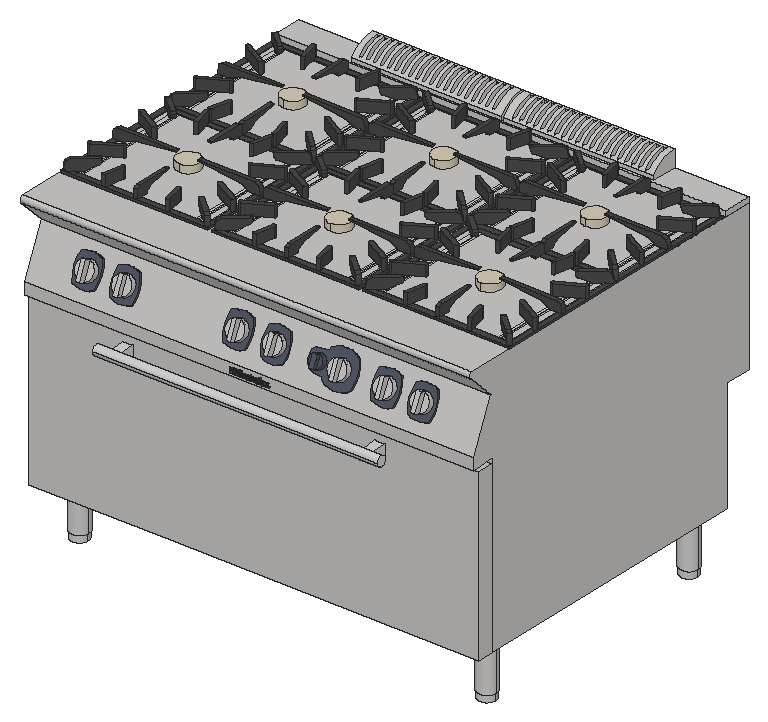
Revit family "QF_ELECTROLUXPROFESSIONAL_391580_E9AANTBJMII", category Attrezzature speciali, Revit 2018
Family settings
  Quota connettore circolare = Usa diametro
  Tipo di parte = Normale
  Basato su piano di lavoro = No
  Sempre verticale = Sì
  Taglio con vuoti quando caricato = No
  Condiviso = No
  Punto di calcolo locali = No
Parameters (values of type "Standard")
  Weight = 200.00 kg
  Watts = 0 W
  Volts = 0 V
  URL Manufacturer = "https://www.electroluxprofessional.com/"
  URL = "https://www.electroluxprofessional.com/"
  Steam Supply Size = 0"
  Steam Supply Minimum Pressure = 0.00 psi
  Steam Supply Maximum Pressure = 0.00 psi
  Steam Consumption per Hour = 0
  Show Logo [instance] = yes
  Show Clearance [instance] = yes
  Refrigeration Suction Line Size = 0 mm
  Refrigeration Liquid Line Size = 0 mm
  Refrigerant Compressor Remote = yes
  Phase = 0
  Modello = "E9AANTBJMII"
  Produttore = "Electrolux Professional"
  Length Actual = 1200 mm  # constant formula
  Item Number = "391580"
  Hot Water Size = 0"
  Height Actual = 850 mm  # constant formula
  HP = "0 HP"
  Gas Size = 1/2"
  Gas KW = 56
  Gas Input Pressure = 1.45819 Btu/h
  Direct Waste Size = 0"
  Descrizione = "6-BURNER GAS RANGE+LARGE GAS OVEN 1200MM - QMARK"
  Depth Actual = 930 mm  # constant formula
  Cycle = 0 Hz
  Condensate Return Size = 0"
  Compressed Air Volume = 0 GPM
  Compressed Air Size = 0"
  Compressed Air Pressure = 0.00 psi
  Cold Water Size = 0"
  Assembly Code = ""
  Accessory = yes
Values of the unnamed type that differ from the named types
  Weight = 0.00 kg
  URL Manufacturer = ""
  Item Number = ""
  HP = ""
  Gas KW = 0
  Gas Input Pressure = 0.0 Btu/h
Reference planes
  plane 1 "BACK": y = 0
  plane 2: z = 0
  plane 3 "LEFT": x = 0
  plane 4 "RIGHT": x = 1200
  plane 5 "FRONT": y = -700
  plane 6 "TOP": z = 909
  plane 7 "Center Y": x = 600
  plane 8 "Center X": y = -350
  plane 9 "Base": z = 150
  plane 10: z = 850.9
  plane 11: y = -930
  plane 12: y = -1109
  plane 13: y = -128
  plane 14: y = -802
  plane 15: y = -1310
  plane 16: y = -666
  plane 17: x = 56
  plane 18: x = 1144
Forms (mm)
  Extrusion 1, solid, material "QF_Finishes_Stainless Steel"
    sketch origin (0, 0, 0) x (0, 1, 0) y (0, 0, 1)
      loop
        line (0, 450) -> (0, 850.9) -> (-921.37, 850.9)
        arc (-921.37, 850.9) -> (-929.343, 845.573) -> (-927.472, 836.168) r 8.63
        line (-927.472, 836.168) -> (-858.266, 766.833) -> (-915.833, 641.476) -> (-915.833, 610.179) -> (-855.839, 614.875)
        arc (-855.839, 614.875) -> (-853.314, 614.127) -> (-852.222, 611.731) r 3.175
        line (-852.222, 611.731) -> (-852.222, 150) -> (-71, 150) -> (-71, 450) -> (0, 450)
    from 0 to 1200
  Extrusion 2, solid, material "QF_Finishes_Stainless Steel"
    sketch origin (0, -852.222, 611.731) x (0, 0, -1) y (1, 0, 0)
      loop
        line (461.731, 363.774) -> (461.731, 1200) -> (9.61, 1200) -> (9.61, 378.321) -> (9.61, 0) -> (461.731, 0) -> (461.731, 363.774)
    from 3.175 to 47.778
  Extrusion 3, solid, material "QF_Finishes_Stainless Steel"
    sketch origin (0, 0, 0) x (0, -1, 0) y (0, 0, 1)
      loop
        line (0, 850.9) -> (76.2, 850.9) -> (76.2, 865.188) -> (0, 865.188) -> (0, 850.9)
    from 0 to -1200
  Extrusion 4, solid, material "QF_Finishes_Stainless Steel"
    sketch origin (0, -852.222, 150) x (1, 0, 0) y (0, -1, 0)
      loop
        circle (1148, -186.222) r 6.4
    from 0 to 21
  Extrusion 5, solid, material "QF_Door-Drawer Clearances", visible <- "Show Clearance", detail levels coarse
    sketch origin (0, -200, 0) x (0, 1, 0) y (0, 0, 1)
      loop
        line (-1110, 150) -> (-700, 150) -> (-700, 602.41)
        arc (-700, 602.41) -> (-992.25, 455.276) -> (-1110, 150) r 454.603
    from 0 to 1200
  Extrusion 6, solid, material "QF_Clearances", visible <- "Show Clearance", detail levels coarse
    sketch origin (0, -200, 0) x (1, 0, 0) y (0, 1, 0)
      loop
        line (-100, -730) -> (0, -730) -> (0, 200) -> (1200, 200) -> (1200, -730) -> (1300, -730) -> (1300, 300) -> (-100, 300) -> (-100, -730)
    from 0 to 908.85
  Extrusion 7, solid, material "QF_Finishes_Handrails and Railings"
    sketch origin (200, -200, 0) x (0, 1, 0) y (0, 0, 1)
      loop
        line (-700, 580.001) -> (-738.549, 577.296)
        arc (-738.549, 577.296) -> (-739.742, 563.489) -> (-752.852, 558.993) r 12.7
        arc (-752.852, 558.993) -> (-752.311, 558.176) -> (-751.712, 557.401) r 13.441
        arc (-751.712, 557.401) -> (-749.907, 555.955) -> (-747.68, 555.335) r 5.77
        line (-747.68, 555.335) -> (-700, 551.992) -> (-700, 580.001)
    from 50.8 to 76.2
  Extrusion 8, solid, material "QF_Finishes_Handrails and Railings"
    sketch origin (1000, -200, 0) x (0, 1, 0) y (0, 0, -1)
      loop
        line (-700, -580.001) -> (-700, -551.992) -> (-747.68, -555.335)
        arc (-747.68, -555.335) -> (-749.907, -555.955) -> (-751.712, -557.401) r 5.77
        arc (-751.712, -557.401) -> (-752.311, -558.176) -> (-752.852, -558.993) r 13.441
        arc (-752.852, -558.993) -> (-739.742, -563.489) -> (-738.549, -577.296) r 12.7
        line (-738.549, -577.296) -> (-700, -580.001)
    from 50.8 to 76.2
  Extrusion 9, solid, material "QF_Finishes_Handrails and Railings"
    sketch origin (200, -200, 0) x (0, 1, 0) y (0, 0, 1)
      loop
        circle (-749.749, 571.309) r 12.7
    from 19.875 to 780.125
  Extrusion 10, solid, material "QF_Finishes_Navy Blue"
    sketch origin (405.244, -913.772, 646.186) x (0, 0.418102, 0.9084) y (-1, 0, 0)
      loop
        arc (102.623, -510.47) -> (67.041, -502.846) -> (31.333, -509.853) r 90.5
        arc (31.333, -509.853) -> (24.507, -539.04) -> (31.333, -568.228) r 65.817
        arc (31.333, -568.228) -> (67.04, -575.188) -> (102.623, -567.615) r 91.066
        arc (102.623, -567.615) -> (109.179, -539.043) -> (102.623, -510.47) r 65.546
    from 0 to 3.175
  Extrusion 11, solid, material "QF_Finishes_Stainless Steel"
    sketch origin (783.994, -917.485, 645.711) x (0, 0.418102, 0.9084) y (-1, 0, 0)
      loop
        circle (68.826, -160.963) r 25.4
    from 0 to 12.7
  Extrusion 12, solid, material "QF_Finishes_Stainless Steel"
    sketch origin (783.994, -929.022, 651.021) x (0, 0.418102, 0.9084) y (-1, 0, 0)
      loop
        arc (93.558, -166.749) -> (94.226, -160.963) -> (93.558, -155.177) r 25.4
        line (93.558, -155.177) -> (44.094, -155.177)
        arc (44.094, -155.177) -> (43.426, -160.963) -> (44.094, -166.749) r 25.4
        line (44.094, -166.749) -> (93.558, -166.749)
    from 0 to 12.7
  Extrusion 13, solid, material "QF_Finishes_Navy Blue"
    sketch origin (282.787, -913.772, 646.186) x (0, 0.418102, 0.9084) y (-1, 0, 0)
      loop
        arc (104.355, -502.587) -> (101.326, -501.258) -> (98.25, -500.039) r 91.066
        arc (98.25, -500.039) -> (96.592, -482.449) -> (93.213, -465.107) r 179.528
        arc (93.213, -465.107) -> (69.244, -452.795) -> (45.274, -465.107) r 29.489
        arc (45.274, -465.107) -> (38.909, -481.441) -> (37.449, -498.912) r 61.044
        arc (37.449, -498.912) -> (34.471, -499.962) -> (31.532, -501.116) r 91.066
        arc (31.532, -501.116) -> (19.517, -540.223) -> (32.929, -578.873) r 65.817
        arc (32.929, -578.873) -> (68.105, -585.173) -> (102.996, -577.452) r 91.066
        arc (102.996, -577.452) -> (115.418, -540.233) -> (104.355, -502.587) r 65.546
    from 0 to 3.175
  Extrusion 14, solid, material "QF_Finishes_Stainless Steel"
    sketch origin (661.537, -917.485, 645.711) x (0, 0.418102, 0.9084) y (-1, 0, 0)
      loop
        circle (68.826, -160.963) r 25.4
    from 0 to 12.7
  Extrusion 15, solid, material "QF_Finishes_Stainless Steel"
    sketch origin (661.537, -929.022, 651.021) x (0, 0.418102, 0.9084) y (-1, 0, 0)
      loop
        arc (93.558, -166.749) -> (94.226, -160.963) -> (93.558, -155.177) r 25.4
        line (93.558, -155.177) -> (44.094, -155.177)
        arc (44.094, -155.177) -> (43.426, -160.963) -> (44.094, -166.749) r 25.4
        line (44.094, -166.749) -> (93.558, -166.749)
    from 0 to 12.7
  Extrusion 16, solid, material "QF_Finishes_Navy Blue"
    sketch origin (604.037, -917.485, 645.711) x (0, 0.418102, 0.9084) y (-1, 0, 0)
      loop
        circle (68.826, -160.963) r 18.37
    from 0 to 12.7
  Extrusion 17, solid, material "QF_Finishes_Navy Blue"
    sketch origin (602.746, -929.022, 651.021) x (0, 0.418102, 0.9084) y (-1, 0, 0)
      loop
        arc (84.808, -167.687) -> (85.476, -161.901) -> (84.808, -156.114) r 25.4
        line (84.808, -156.114) -> (52.844, -156.114)
        arc (52.844, -156.114) -> (52.176, -161.901) -> (52.844, -167.687) r 25.4
        line (52.844, -167.687) -> (84.808, -167.687)
    from 0 to 8.112
  Extrusion 18, solid, material "QF_Finishes_Navy Blue"
    sketch origin (-392.256, -913.772, 646.186) x (0, 0.418102, 0.9084) y (-1, 0, 0)
      loop
        arc (102.623, -510.47) -> (67.041, -502.846) -> (31.333, -509.853) r 90.5
        arc (31.333, -509.853) -> (24.507, -539.04) -> (31.333, -568.228) r 65.817
        arc (31.333, -568.228) -> (67.04, -575.188) -> (102.623, -567.615) r 91.066
        arc (102.623, -567.615) -> (109.179, -539.043) -> (102.623, -510.47) r 65.546
    from 0 to 3.175
  Extrusion 19, solid, material "QF_Finishes_Stainless Steel"
    sketch origin (-13.506, -917.485, 645.711) x (0, 0.418102, 0.9084) y (-1, 0, 0)
      loop
        circle (68.826, -160.963) r 25.4
    from 0 to 12.7
  Extrusion 20, solid, material "QF_Finishes_Stainless Steel"
    sketch origin (-13.506, -929.022, 651.021) x (0, 0.418102, 0.9084) y (-1, 0, 0)
      loop
        arc (93.558, -166.749) -> (94.226, -160.963) -> (93.558, -155.177) r 25.4
        line (93.558, -155.177) -> (44.094, -155.177)
        arc (44.094, -155.177) -> (43.426, -160.963) -> (44.094, -166.749) r 25.4
        line (44.094, -166.749) -> (93.558, -166.749)
    from 0 to 12.7
  Extrusion 21, solid, material "QF_Finishes_Navy Blue"
    sketch origin (-292.256, -913.772, 646.186) x (0, 0.418102, 0.9084) y (-1, 0, 0)
      loop
        arc (102.623, -510.47) -> (67.041, -502.846) -> (31.333, -509.853) r 90.5
        arc (31.333, -509.853) -> (24.507, -539.04) -> (31.333, -568.228) r 65.817
        arc (31.333, -568.228) -> (67.04, -575.188) -> (102.623, -567.615) r 91.066
        arc (102.623, -567.615) -> (109.179, -539.043) -> (102.623, -510.47) r 65.546
    from 0 to 3.175
  Extrusion 22, solid, material "QF_Finishes_Stainless Steel"
    sketch origin (86.494, -917.485, 645.711) x (0, 0.418102, 0.9084) y (-1, 0, 0)
      loop
        circle (68.826, -160.963) r 25.4
    from 0 to 12.7
  Extrusion 23, solid, material "QF_Finishes_Stainless Steel"
    sketch origin (86.494, -929.022, 651.021) x (0, 0.418102, 0.9084) y (-1, 0, 0)
      loop
        arc (93.558, -166.749) -> (94.226, -160.963) -> (93.558, -155.177) r 25.4
        line (93.558, -155.177) -> (44.094, -155.177)
        arc (44.094, -155.177) -> (43.426, -160.963) -> (44.094, -166.749) r 25.4
        line (44.094, -166.749) -> (93.558, -166.749)
    from 0 to 12.7
  Extrusion 24, solid, material "QF_Finishes_Stainless Steel"
    sketch origin (202.4, -200, 590.5) x (0, 1, 0) y (0, 0, 1)
      loop
        line (200, 274.688) -> (200, 318.5)
        arc (200, 318.5) -> (160.905, 309.851) -> (130.15, 284.212) r 84.706
        line (130.15, 284.212) -> (130.15, 274.688) -> (200, 274.688)
    from 400 to 800
  Extrusion 25, solid, material "QF_Finishes_Navy Blue"
    sketch origin (502.744, -913.772, 646.186) x (0, 0.418102, 0.9084) y (-1, 0, 0)
      loop
        arc (102.623, -510.47) -> (67.041, -502.846) -> (31.333, -509.853) r 90.5
        arc (31.333, -509.853) -> (24.507, -539.04) -> (31.333, -568.228) r 65.817
        arc (31.333, -568.228) -> (67.04, -575.188) -> (102.623, -567.615) r 91.066
        arc (102.623, -567.615) -> (109.179, -539.043) -> (102.623, -510.47) r 65.546
    from 0 to 3.175
  Extrusion 26, solid, material "QF_Finishes_Stainless Steel"
    sketch origin (881.494, -917.485, 645.711) x (0, 0.418102, 0.9084) y (-1, 0, 0)
      loop
        circle (68.826, -160.963) r 25.4
    from 0 to 12.7
  Extrusion 27, solid, material "QF_Finishes_Stainless Steel"
    sketch origin (881.494, -929.022, 651.021) x (0, 0.418102, 0.9084) y (-1, 0, 0)
      loop
        arc (93.558, -166.749) -> (94.226, -160.963) -> (93.558, -155.177) r 25.4
        line (93.558, -155.177) -> (44.094, -155.177)
        arc (44.094, -155.177) -> (43.426, -160.963) -> (44.094, -166.749) r 25.4
        line (44.094, -166.749) -> (93.558, -166.749)
    from 0 to 12.7
  Extrusion 28, solid, material "QF_Finishes_Navy Blue"
    sketch origin (10.244, -913.772, 646.186) x (0, 0.418102, 0.9084) y (-1, 0, 0)
      loop
        arc (102.623, -510.47) -> (67.041, -502.846) -> (31.333, -509.853) r 90.5
        arc (31.333, -509.853) -> (24.507, -539.04) -> (31.333, -568.228) r 65.817
        arc (31.333, -568.228) -> (67.04, -575.188) -> (102.623, -567.615) r 91.066
        arc (102.623, -567.615) -> (109.179, -539.043) -> (102.623, -510.47) r 65.546
    from 0 to 3.175
  Extrusion 29, solid, material "QF_Finishes_Stainless Steel"
    sketch origin (388.994, -917.485, 645.711) x (0, 0.418102, 0.9084) y (-1, 0, 0)
      loop
        circle (68.826, -160.963) r 25.4
    from 0 to 12.7
  Extrusion 30, solid, material "QF_Finishes_Stainless Steel"
    sketch origin (388.994, -929.022, 651.021) x (0, 0.418102, 0.9084) y (-1, 0, 0)
      loop
        arc (93.558, -166.749) -> (94.226, -160.963) -> (93.558, -155.177) r 25.4
        line (93.558, -155.177) -> (44.094, -155.177)
        arc (44.094, -155.177) -> (43.426, -160.963) -> (44.094, -166.749) r 25.4
        line (44.094, -166.749) -> (93.558, -166.749)
    from 0 to 12.7
  Extrusion 31, solid, material "QF_Finishes_Navy Blue"
    sketch origin (110.244, -913.772, 646.186) x (0, 0.418102, 0.9084) y (-1, 0, 0)
      loop
        arc (102.623, -510.47) -> (67.041, -502.846) -> (31.333, -509.853) r 90.5
        arc (31.333, -509.853) -> (24.507, -539.04) -> (31.333, -568.228) r 65.817
        arc (31.333, -568.228) -> (67.04, -575.188) -> (102.623, -567.615) r 91.066
        arc (102.623, -567.615) -> (109.179, -539.043) -> (102.623, -510.47) r 65.546
    from 0 to 3.175
  Extrusion 32, solid, material "QF_Finishes_Stainless Steel"
    sketch origin (488.994, -917.485, 645.711) x (0, 0.418102, 0.9084) y (-1, 0, 0)
      loop
        circle (68.826, -160.963) r 25.4
    from 0 to 12.7
  Extrusion 33, solid, material "QF_Finishes_Stainless Steel"
    sketch origin (488.994, -929.022, 651.021) x (0, 0.418102, 0.9084) y (-1, 0, 0)
      loop
        arc (93.558, -166.749) -> (94.226, -160.963) -> (93.558, -155.177) r 25.4
        line (93.558, -155.177) -> (44.094, -155.177)
        arc (44.094, -155.177) -> (43.426, -160.963) -> (44.094, -166.749) r 25.4
        line (44.094, -166.749) -> (93.558, -166.749)
    from 0 to 12.7
  Extrusion 34, solid, material "QF_Finishes_Navy Blue", visible <- "Show Logo"
    sketch origin (261.109, -915.962, 610.773) x (0, 0, 1) y (-1, 0, 0)
      loop
        line (20.674, -296.698) -> (8.307, -296.698)
        arc (8.307, -296.698) -> (14.491, -301.27) -> (20.674, -296.698) r 6.467
      loop
        arc (20.674, -296.069) -> (19.505, -290.926) -> (14.849, -288.448) r 6.338
        line (14.849, -288.448) -> (14.849, -290.494)
        arc (14.849, -290.494) -> (16.333, -294.149) -> (19.778, -296.069) r 5.941
        line (19.778, -296.069) -> (20.674, -296.069)
      loop
        arc (9.203, -296.069) -> (12.648, -294.149) -> (14.132, -290.494) r 5.941
        line (14.132, -290.494) -> (14.132, -288.448)
        arc (14.132, -288.448) -> (9.438, -290.922) -> (8.148, -296.069) r 6.504
        line (8.148, -296.069) -> (9.203, -296.069)
      loop
        line (21.349, -287.979) -> (7.604, -287.979) -> (7.604, -301.742) -> (21.349, -301.742) -> (21.349, -287.979)
      loop
        arc (21.432, -304.71) -> (21.085, -304.352) -> (20.718, -304.69) r 0.358
        arc (20.718, -304.69) -> (20.404, -305.44) -> (19.687, -305.825) r 1.216
        line (19.687, -305.825) -> (9.274, -305.825)
        arc (9.274, -305.825) -> (8.614, -305.548) -> (8.218, -304.951) r 1.238
        arc (8.218, -304.951) -> (7.823, -304.7) -> (7.518, -305.054) r 0.358
        line (7.518, -305.054) -> (7.518, -314.933) -> (10.269, -314.933) -> (10.269, -314.036)
        arc (10.269, -314.036) -> (9.36, -313.456) -> (8.904, -312.479) r 1.928
        line (8.904, -312.479) -> (8.904, -309.98)
        arc (8.904, -309.98) -> (9.18, -309.251) -> (9.868, -308.887) r 1.101
        line (9.868, -308.887) -> (13.955, -308.887) -> (13.955, -312.561)
        arc (13.955, -312.561) -> (13.602, -313.058) -> (13.037, -313.286) r 1.083
        arc (13.037, -313.286) -> (12.773, -313.591) -> (13.065, -313.869) r 0.292
        line (13.065, -313.869) -> (16.028, -313.869)
        arc (16.028, -313.869) -> (16.33, -313.596) -> (16.092, -313.266) r 0.305
        arc (16.092, -313.266) -> (15.601, -313.018) -> (15.296, -312.561) r 1.083
        line (15.296, -312.561) -> (15.296, -308.887) -> (19.973, -308.887) -> (19.973, -312.635)
        arc (19.973, -312.635) -> (19.759, -313.39) -> (19.153, -313.888) r 1.314
        arc (19.153, -313.888) -> (18.934, -314.292) -> (19.288, -314.585) r 0.361
        line (19.288, -314.585) -> (21.432, -314.585) -> (21.432, -304.71)
      loop
        arc (20.715, -315.365) -> (20.335, -316.284) -> (19.416, -316.664) r 1.299
        line (19.416, -316.664) -> (9.837, -316.664)
        arc (9.837, -316.664) -> (8.999, -316.286) -> (8.728, -315.408) r 1.118
        line (8.728, -315.408) -> (7.518, -315.408) -> (7.518, -320.758) -> (8.706, -320.758)
        arc (8.706, -320.758) -> (8.978, -319.841) -> (9.848, -319.445) r 1.153
        line (9.848, -319.445) -> (21.92, -319.445) -> (20.715, -315.365)
      loop
        line (12.483, -323.394) -> (12.483, -329.842) -> (13.282, -329.842)
        arc (13.282, -329.842) -> (15.862, -328.857) -> (17.131, -326.404) r 3.874
        line (17.131, -326.404) -> (17.131, -324.643)
        arc (17.131, -324.643) -> (15.944, -321.778) -> (13.08, -320.592) r 4.051
        line (13.08, -320.592) -> (11.072, -320.592)
        arc (11.072, -320.592) -> (8.253, -322.077) -> (7.202, -325.084) r 4.352
        arc (7.202, -325.084) -> (7.566, -327.547) -> (8.943, -329.621) r 5.713
        line (8.943, -329.621) -> (9.892, -329.621)
        arc (9.892, -329.621) -> (9.16, -328.052) -> (8.943, -326.334) r 5.579
        arc (8.943, -326.334) -> (9.737, -324.371) -> (11.616, -323.394) r 3.057
        line (11.616, -323.394) -> (12.483, -323.394)
      loop
        line (13.742, -323.394) -> (13.742, -326.977)
        arc (13.742, -326.977) -> (15.199, -327.024) -> (16.082, -325.864) r 1.59
        line (16.082, -325.864) -> (16.082, -325.034)
        arc (16.082, -325.034) -> (15.217, -323.779) -> (13.742, -323.394) r 2.184
      loop
        arc (16.533, -339.259) -> (17.022, -337.585) -> (17.179, -335.848) r 9.023
        line (17.179, -335.848) -> (17.179, -334.486)
        arc (17.179, -334.486) -> (16.02, -331.686) -> (13.22, -330.527) r 3.959
        line (13.22, -330.527) -> (10.62, -330.527)
        arc (10.62, -330.527) -> (8.338, -331.819) -> (7.221, -334.192) r 4.331
        line (7.221, -334.192) -> (7.221, -336.327)
        arc (7.221, -336.327) -> (7.729, -337.877) -> (8.651, -339.223) r 5.772
        arc (8.651, -339.223) -> (9.412, -339.274) -> (9.499, -338.515) r 0.553
        arc (9.499, -338.515) -> (9.111, -337.781) -> (8.977, -336.962) r 2.573
        line (8.977, -336.962) -> (8.977, -335.447)
        arc (8.977, -335.447) -> (9.983, -333.806) -> (11.798, -333.163) r 2.884
        line (11.798, -333.163) -> (13.077, -333.163)
        arc (13.077, -333.163) -> (14.898, -333.723) -> (15.824, -335.388) r 2.554
        line (15.824, -335.388) -> (15.824, -336.441)
        arc (15.824, -336.441) -> (15.493, -337.369) -> (14.836, -338.104) r 2.564
        arc (14.836, -338.104) -> (14.614, -338.821) -> (15.223, -339.259) r 0.643
        line (15.223, -339.259) -> (16.533, -339.259)
      loop
        line (15.515, -339.53) -> (15.515, -341.031) -> (9.467, -341.031)
        arc (9.467, -341.031) -> (7.879, -341.688) -> (7.221, -343.276) r 2.246
        line (7.221, -343.276) -> (7.221, -344.86)
        arc (7.221, -344.86) -> (7.535, -345.725) -> (8.035, -346.496) r 4.06
        arc (8.035, -346.496) -> (8.768, -346.629) -> (9.019, -345.928) r 0.576
        arc (9.019, -345.928) -> (8.913, -345.403) -> (8.977, -344.87) r 1.69
        arc (8.977, -344.87) -> (9.519, -344.082) -> (10.425, -343.779) r 1.506
        line (10.425, -343.779) -> (15.563, -343.779) -> (15.563, -346.176) -> (16.119, -346.733) -> (16.941, -346.733) -> (16.941, -343.873) -> (20.172, -343.873) -> (15.515, -339.53)
      loop
        line (7.438, -347.63) -> (7.438, -353.017) -> (8.548, -353.017)
        arc (8.548, -353.017) -> (8.942, -352.066) -> (9.893, -351.672) r 1.345
        line (9.893, -351.672) -> (13.509, -351.672)
        arc (13.509, -351.672) -> (14.274, -352.264) -> (14.564, -353.186) r 1.615
        line (14.564, -353.186) -> (14.564, -354.742) -> (17.119, -355.427) -> (17.119, -354.044) -> (15.177, -351.485) -> (17.057, -351.485) -> (16.773, -348.779)
        arc (16.773, -348.779) -> (16.333, -348.249) -> (15.674, -348.45) r 0.621
        arc (15.674, -348.45) -> (15.274, -348.792) -> (14.78, -348.975) r 1.501
        line (14.78, -348.975) -> (9.893, -348.975)
        arc (9.893, -348.975) -> (8.942, -348.581) -> (8.548, -347.63) r 1.345
        line (8.548, -347.63) -> (7.438, -347.63)
      loop
        line (13.54, -354.964) -> (10.848, -354.964)
        arc (10.848, -354.964) -> (8.403, -356.272) -> (7.269, -358.803) r 4.288
        arc (7.269, -358.803) -> (7.205, -360.183) -> (7.269, -361.563) r 15.022
        arc (7.269, -361.563) -> (8.403, -364.094) -> (10.848, -365.401) r 4.288
        line (10.848, -365.401) -> (13.54, -365.401)
        arc (13.54, -365.401) -> (15.986, -364.094) -> (17.119, -361.563) r 4.288
        arc (17.119, -361.563) -> (17.183, -360.183) -> (17.119, -358.803) r 15.022
        arc (17.119, -358.803) -> (15.986, -356.272) -> (13.54, -354.964) r 4.288
      loop
        line (13.745, -358.078) -> (10.643, -358.078)
        arc (10.643, -358.078) -> (8.486, -360.235) -> (10.643, -362.392) r 2.157
        line (10.643, -362.392) -> (13.745, -362.392)
        arc (13.745, -362.392) -> (15.902, -360.235) -> (13.745, -358.078) r 2.157
      loop
        arc (20.726, -365.26) -> (20.355, -366.154) -> (19.461, -366.524) r 1.264
        line (19.461, -366.524) -> (9.597, -366.524)
        arc (9.597, -366.524) -> (8.727, -366.127) -> (8.455, -365.211) r 1.153
        line (8.455, -365.211) -> (7.518, -365.211) -> (7.518, -370.319) -> (8.446, -370.319)
        arc (8.446, -370.319) -> (8.805, -369.547) -> (9.597, -369.232) r 1.153
        line (9.597, -369.232) -> (21.92, -369.232) -> (20.726, -365.26)
      loop
        arc (15.846, -369.857) -> (15.647, -370.921) -> (14.678, -371.403) r 1.215
        line (14.678, -371.403) -> (9.658, -371.403)
        arc (9.658, -371.403) -> (8.043, -372.051) -> (7.322, -373.634) r 2.338
        line (7.322, -373.634) -> (7.322, -375.148)
        arc (7.322, -375.148) -> (7.497, -376.152) -> (7.999, -377.038) r 2.979
        line (7.999, -377.038) -> (7.518, -378.835) -> (7.518, -380.524) -> (16.943, -380.524) -> (16.649, -376.32) -> (15.863, -376.32)
        arc (15.863, -376.32) -> (15.507, -377.156) -> (14.755, -377.665) r 1.605
        line (14.755, -377.665) -> (9.652, -377.665)
        arc (9.652, -377.665) -> (9.232, -376.728) -> (9.159, -375.704) r 2.94
        arc (9.159, -375.704) -> (9.72, -374.603) -> (10.873, -374.16) r 1.724
        line (10.873, -374.16) -> (17.07, -374.16) -> (15.846, -369.857)
      loop
        line (16.874, -381.377) -> (15.202, -383.423) -> (12.028, -385.729) -> (8.572, -382.617)
        arc (8.572, -382.617) -> (8.335, -382.223) -> (8.357, -381.764) r 0.789
        line (8.357, -381.764) -> (7.518, -381.764) -> (7.518, -385.309) -> (8.344, -385.309)
        arc (8.344, -385.309) -> (8.686, -384.947) -> (9.176, -385.039) r 0.52
        line (9.176, -385.039) -> (10.976, -386.51) -> (8.858, -387.886)
        arc (8.858, -387.886) -> (8.457, -387.576) -> (8.37, -387.076) r 0.7
        line (8.37, -387.076) -> (7.518, -387.076) -> (7.518, -393.003) -> (8.405, -393.003)
        arc (8.405, -393.003) -> (8.472, -392.344) -> (8.866, -391.813) r 1.247
        line (8.866, -391.813) -> (13.066, -388.532) -> (15.513, -390.585) -> (16.874, -392.327) -> (16.874, -388.604) -> (15.389, -389.026) -> (13.868, -387.749) -> (15.568, -386.559) -> (16.874, -387.336) -> (16.874, -381.377)
    from 0 to 1.644
  Revolve 35, solid, material "QF_Finishes_Stainless Steel"
    sketch origin (799, -128, 0) x (-1, 0, 0) y (0, 0, -1)
      loop
        line (-345, 0) -> (-367.9, 0) -> (-367.9, -19.05) -> (-370.4, -19.05) -> (-370.4, -150) -> (-345, -150) -> (-345, 0)
      axis (-345, 0) -> (-345, -150)
    angle from 0 to 360
  Revolve 36, solid, material "QF_Finishes_Stainless Steel"
    sketch origin (799, -802, 0) x (-1, 0, 0) y (0, 0, -1)
      loop
        line (-345, 0) -> (-367.9, 0) -> (-367.9, -19.05) -> (-370.4, -19.05) -> (-370.4, -150) -> (-345, -150) -> (-345, 0)
      axis (-345, 0) -> (-345, -150)
    angle from 0 to 360
  Extrusion 37, solid, material "QF_Finishes_Stainless Steel"
    sketch origin (0, -852.222, 150) x (1, 0, 0) y (0, -1, 0)
      loop
        circle (1157, -276.222) r 12.7
    from 0 to 5
  Extrusion 38, void
    sketch origin (-62.611, 0, 865.138) x (-1, 0, 0) y (0, -1, 0)
      loop
        line (-695.005, 6.761) -> (-685.709, 6.761) -> (-685.709, 63.911) -> (-695.005, 63.911) -> (-695.005, 6.761)
      loop
        line (-713.697, 6.761) -> (-704.401, 6.761) -> (-704.401, 63.911) -> (-713.697, 63.911) -> (-713.697, 6.761)
      loop
        line (-732.39, 6.761) -> (-723.094, 6.761) -> (-723.094, 63.911) -> (-732.39, 63.911) -> (-732.39, 6.761)
      loop
        line (-751.082, 6.761) -> (-741.787, 6.761) -> (-741.787, 63.911) -> (-751.082, 63.911) -> (-751.082, 6.761)
      loop
        line (-769.775, 6.761) -> (-760.479, 6.761) -> (-760.479, 63.911) -> (-769.775, 63.911) -> (-769.775, 6.761)
      loop
        line (-788.468, 6.761) -> (-779.172, 6.761) -> (-779.172, 63.911) -> (-788.468, 63.911) -> (-788.468, 6.761)
      loop
        line (-807.16, 6.761) -> (-797.864, 6.761) -> (-797.864, 63.911) -> (-807.16, 63.911) -> (-807.16, 6.761)
      loop
        line (-825.853, 6.761) -> (-816.557, 6.761) -> (-816.557, 63.911) -> (-825.853, 63.911) -> (-825.853, 6.761)
      loop
        line (-844.545, 6.761) -> (-835.25, 6.761) -> (-835.25, 63.911) -> (-844.545, 63.911) -> (-844.545, 6.761)
      loop
        line (-863.238, 6.761) -> (-853.942, 6.761) -> (-853.942, 63.911) -> (-863.238, 63.911) -> (-863.238, 6.761)
      loop
        line (-881.931, 6.761) -> (-872.635, 6.761) -> (-872.635, 63.911) -> (-881.931, 63.911) -> (-881.931, 6.761)
      loop
        line (-900.623, 6.761) -> (-891.328, 6.761) -> (-891.328, 63.911) -> (-900.623, 63.911) -> (-900.623, 6.761)
      loop
        line (-919.316, 6.761) -> (-910.02, 6.761) -> (-910.02, 63.911) -> (-919.316, 63.911) -> (-919.316, 6.761)
      loop
        line (-938.008, 6.761) -> (-928.713, 6.761) -> (-928.713, 63.911) -> (-938.008, 63.911) -> (-938.008, 6.761)
      loop
        line (-956.701, 6.761) -> (-947.405, 6.761) -> (-947.405, 63.911) -> (-956.701, 63.911) -> (-956.701, 6.761)
      loop
        line (-975.394, 6.761) -> (-966.098, 6.761) -> (-966.098, 63.911) -> (-975.394, 63.911) -> (-975.394, 6.761)
      loop
        line (-994.086, 6.761) -> (-984.791, 6.761) -> (-984.791, 63.911) -> (-994.086, 63.911) -> (-994.086, 6.761)
      loop
        line (-1012.779, 6.761) -> (-1003.483, 6.761) -> (-1003.483, 63.911) -> (-1012.779, 63.911) -> (-1012.779, 6.761)
      loop
        line (-1031.472, 6.761) -> (-1022.176, 6.761) -> (-1022.176, 63.911) -> (-1031.472, 63.911) -> (-1031.472, 6.761)
      loop
        line (-1050.164, 6.761) -> (-1040.868, 6.761) -> (-1040.868, 63.911) -> (-1050.164, 63.911) -> (-1050.164, 6.761)
    from 9.525 to 45.348
  Revolve 39, solid, material "QF_Finishes_Stainless Steel"
    sketch origin (1, -128, 0) x (1, 0, 0) y (0, 0, 1)
      loop
        line (55, 0) -> (55, 150) -> (29.6, 150) -> (29.6, 19.05) -> (32.1, 19.05) -> (32.1, 0) -> (55, 0)
      axis (55, 0) -> (55, 150)
    angle from 0 to 360
  Revolve 40, solid, material "QF_Finishes_Stainless Steel"
    sketch origin (1, -802, 0) x (1, 0, 0) y (0, 0, 1)
      loop
        line (55, 0) -> (55, 150) -> (29.6, 150) -> (29.6, 19.05) -> (32.1, 19.05) -> (32.1, 0) -> (55, 0)
      axis (55, 0) -> (55, 150)
    angle from 0 to 360
  Extrusion 41, solid, material "QF_Finishes_Stainless Steel"
    sketch origin (997.6, -200, 590.5) x (0, 1, 0) y (0, 0, -1)
      loop
        line (200, -274.688) -> (130.15, -274.688) -> (130.15, -284.212)
        arc (130.15, -284.212) -> (160.905, -309.851) -> (200, -318.5) r 84.706
        line (200, -318.5) -> (200, -274.688)
    from 400 to 800
  Extrusion 42, void
    sketch origin (1262.611, 0, 865.138) x (1, 0, 0) y (0, 1, 0)
      loop
        line (-695.005, -6.761) -> (-695.005, -63.911) -> (-685.709, -63.911) -> (-685.709, -6.761) -> (-695.005, -6.761)
      loop
        line (-713.697, -6.761) -> (-713.697, -63.911) -> (-704.401, -63.911) -> (-704.401, -6.761) -> (-713.697, -6.761)
      loop
        line (-732.39, -6.761) -> (-732.39, -63.911) -> (-723.094, -63.911) -> (-723.094, -6.761) -> (-732.39, -6.761)
      loop
        line (-751.082, -6.761) -> (-751.082, -63.911) -> (-741.787, -63.911) -> (-741.787, -6.761) -> (-751.082, -6.761)
      loop
        line (-769.775, -6.761) -> (-769.775, -63.911) -> (-760.479, -63.911) -> (-760.479, -6.761) -> (-769.775, -6.761)
      loop
        line (-788.468, -6.761) -> (-788.468, -63.911) -> (-779.172, -63.911) -> (-779.172, -6.761) -> (-788.468, -6.761)
      loop
        line (-807.16, -6.761) -> (-807.16, -63.911) -> (-797.864, -63.911) -> (-797.864, -6.761) -> (-807.16, -6.761)
      loop
        line (-825.853, -6.761) -> (-825.853, -63.911) -> (-816.557, -63.911) -> (-816.557, -6.761) -> (-825.853, -6.761)
      loop
        line (-844.545, -6.761) -> (-844.545, -63.911) -> (-835.25, -63.911) -> (-835.25, -6.761) -> (-844.545, -6.761)
      loop
        line (-863.238, -6.761) -> (-863.238, -63.911) -> (-853.942, -63.911) -> (-853.942, -6.761) -> (-863.238, -6.761)
      loop
        line (-881.931, -6.761) -> (-881.931, -63.911) -> (-872.635, -63.911) -> (-872.635, -6.761) -> (-881.931, -6.761)
      loop
        line (-900.623, -6.761) -> (-900.623, -63.911) -> (-891.328, -63.911) -> (-891.328, -6.761) -> (-900.623, -6.761)
      loop
        line (-919.316, -6.761) -> (-919.316, -63.911) -> (-910.02, -63.911) -> (-910.02, -6.761) -> (-919.316, -6.761)
      loop
        line (-938.008, -6.761) -> (-938.008, -63.911) -> (-928.713, -63.911) -> (-928.713, -6.761) -> (-938.008, -6.761)
      loop
        line (-956.701, -6.761) -> (-956.701, -63.911) -> (-947.405, -63.911) -> (-947.405, -6.761) -> (-956.701, -6.761)
      loop
        line (-975.394, -6.761) -> (-975.394, -63.911) -> (-966.098, -63.911) -> (-966.098, -6.761) -> (-975.394, -6.761)
      loop
        line (-994.086, -6.761) -> (-994.086, -63.911) -> (-984.791, -63.911) -> (-984.791, -6.761) -> (-994.086, -6.761)
      loop
        line (-1012.779, -6.761) -> (-1012.779, -63.911) -> (-1003.483, -63.911) -> (-1003.483, -6.761) -> (-1012.779, -6.761)
      loop
        line (-1031.472, -6.761) -> (-1031.472, -63.911) -> (-1022.176, -63.911) -> (-1022.176, -6.761) -> (-1031.472, -6.761)
      loop
        line (-1050.164, -6.761) -> (-1050.164, -63.911) -> (-1040.868, -63.911) -> (-1040.868, -6.761) -> (-1050.164, -6.761)
    from 9.525 to 45.348
Cuts and joins
  Extrusion 38, Extrusion 42 cuts Extrusion 24
  Extrusion 42 cuts Extrusion 41
Lines and regions (mm)
  symbolic lines, style "QF_Door-Drawer Clearances"
    curve 1: line (0, -930, 150) -> (0, -1310, 150)
    curve 2: line (0, -1310, 150) -> (1200, -1310, 150)
    curve 3: line (1200, -1310, 150) -> (1200, -930, 150)
  symbolic lines
    curve 4: line (1200, -930, 150) -> (0, -930, 150)
    curve 5: line (0, 0, 150) -> (0, -930, 150)
    curve 6: line (1200, -930, 150) -> (1200, 0, 150)
    curve 7: line (0, 0, 150) -> (1200, 0, 150)
    curve 11: line (980.125, -962.449, 150) -> (219.875, -962.449, 150)
    curve 12: line (980.125, -937.049, 150) -> (980.125, -962.449, 150)
    curve 13: line (949.2, -938.549, 150) -> (949.2, -930, 150)
    curve 14: line (923.8, -938.549, 150) -> (923.8, -930, 150)
    curve 15: line (923.8, -938.549, 150) -> (949.2, -938.549, 150)
    curve 16: line (219.875, -937.049, 150) -> (250.8, -937.049, 150)
    curve 17: line (949.2, -937.049, 150) -> (980.125, -937.049, 150)
    curve 18: line (632.394, -6.761, 150) -> (632.394, -63.911, 150)
    curve 19: line (632.394, -63.911, 150) -> (623.098, -63.911, 150)
    curve 20: line (623.098, -63.911, 150) -> (623.098, -6.761, 150)
    curve 21: line (623.098, -6.761, 150) -> (632.394, -6.761, 150)
    curve 22: line (838.012, -6.761, 150) -> (838.012, -63.911, 150)
    curve 23: line (838.012, -63.911, 150) -> (828.717, -63.911, 150)
    curve 24: line (828.717, -63.911, 150) -> (828.717, -6.761, 150)
    curve 25: line (828.717, -6.761, 150) -> (838.012, -6.761, 150)
    curve 26: line (819.32, -6.761, 150) -> (819.32, -63.911, 150)
    curve 27: line (819.32, -63.911, 150) -> (810.024, -63.911, 150)
    curve 28: line (810.024, -63.911, 150) -> (810.024, -6.761, 150)
    curve 29: line (810.024, -6.761, 150) -> (819.32, -6.761, 150)
    curve 30: line (800.627, -6.761, 150) -> (800.627, -63.911, 150)
    curve 31: line (800.627, -63.911, 150) -> (791.331, -63.911, 150)
    curve 32: line (791.331, -63.911, 150) -> (791.331, -6.761, 150)
    curve 33: line (791.331, -6.761, 150) -> (800.627, -6.761, 150)
    curve 34: line (781.934, -6.761, 150) -> (781.934, -63.911, 150)
    curve 35: line (781.934, -63.911, 150) -> (772.639, -63.911, 150)
    curve 36: line (772.639, -63.911, 150) -> (772.639, -6.761, 150)
    curve 37: line (772.639, -6.761, 150) -> (781.934, -6.761, 150)
    curve 38: line (763.242, -6.761, 150) -> (763.242, -63.911, 150)
    curve 39: line (763.242, -63.911, 150) -> (753.946, -63.911, 150)
    curve 40: line (753.946, -63.911, 150) -> (753.946, -6.761, 150)
    curve 41: line (753.946, -6.761, 150) -> (763.242, -6.761, 150)
    curve 42: line (744.549, -6.761, 150) -> (744.549, -63.911, 150)
    curve 43: line (744.549, -63.911, 150) -> (735.253, -63.911, 150)
    curve 44: line (735.253, -63.911, 150) -> (735.253, -6.761, 150)
    curve 45: line (735.253, -6.761, 150) -> (744.549, -6.761, 150)
    curve 46: line (725.857, -6.761, 150) -> (725.857, -63.911, 150)
    curve 47: line (725.857, -63.911, 150) -> (716.561, -63.911, 150)
    curve 48: line (716.561, -63.911, 150) -> (716.561, -6.761, 150)
    curve 49: line (716.561, -6.761, 150) -> (725.857, -6.761, 150)
    curve 50: line (707.164, -6.761, 150) -> (707.164, -63.911, 150)
    curve 51: line (707.164, -63.911, 150) -> (697.868, -63.911, 150)
    curve 52: line (697.868, -63.911, 150) -> (697.868, -6.761, 150)
    curve 53: line (697.868, -6.761, 150) -> (707.164, -6.761, 150)
    curve 54: line (688.471, -6.761, 150) -> (688.471, -63.911, 150)
    curve 55: line (688.471, -63.911, 150) -> (679.176, -63.911, 150)
    curve 56: line (679.176, -63.911, 150) -> (679.176, -6.761, 150)
    curve 57: line (679.176, -6.761, 150) -> (688.471, -6.761, 150)
    curve 58: line (669.779, -6.761, 150) -> (669.779, -63.911, 150)
    curve 59: line (669.779, -63.911, 150) -> (660.483, -63.911, 150)
    curve 60: line (660.483, -63.911, 150) -> (660.483, -6.761, 150)
    curve 61: line (660.483, -6.761, 150) -> (669.779, -6.761, 150)
    curve 62: line (651.086, -6.761, 150) -> (651.086, -63.911, 150)
    curve 63: line (651.086, -63.911, 150) -> (641.79, -63.911, 150)
    curve 64: line (641.79, -63.911, 150) -> (641.79, -6.761, 150)
    curve 65: line (641.79, -6.761, 150) -> (651.086, -6.761, 150)
    curve 66: line (987.553, -6.761, 150) -> (987.553, -63.911, 150)
    curve 67: line (987.553, -63.911, 150) -> (978.257, -63.911, 150)
    curve 68: line (978.257, -63.911, 150) -> (978.257, -6.761, 150)
    curve 69: line (978.257, -6.761, 150) -> (987.553, -6.761, 150)
    curve 70: line (968.861, -6.761, 150) -> (968.861, -63.911, 150)
    curve 71: line (968.861, -63.911, 150) -> (959.565, -63.911, 150)
    curve 72: line (959.565, -63.911, 150) -> (959.565, -6.761, 150)
    curve 73: line (959.565, -6.761, 150) -> (968.861, -6.761, 150)
    curve 74: line (950.168, -6.761, 150) -> (950.168, -63.911, 150)
    curve 75: line (950.168, -63.911, 150) -> (940.872, -63.911, 150)
    curve 76: line (940.872, -63.911, 150) -> (940.872, -6.761, 150)
    curve 77: line (940.872, -6.761, 150) -> (950.168, -6.761, 150)
    curve 78: line (931.475, -6.761, 150) -> (931.475, -63.911, 150)
    curve 79: line (931.475, -63.911, 150) -> (922.18, -63.911, 150)
    curve 80: line (922.18, -63.911, 150) -> (922.18, -6.761, 150)
    curve 81: line (922.18, -6.761, 150) -> (931.475, -6.761, 150)
    curve 82: line (912.783, -6.761, 150) -> (912.783, -63.911, 150)
    curve 83: line (912.783, -63.911, 150) -> (903.487, -63.911, 150)
    curve 84: line (903.487, -63.911, 150) -> (903.487, -6.761, 150)
    curve 85: line (903.487, -6.761, 150) -> (912.783, -6.761, 150)
    curve 86: line (894.09, -6.761, 150) -> (894.09, -63.911, 150)
    curve 87: line (894.09, -63.911, 150) -> (884.794, -63.911, 150)
    curve 88: line (884.794, -63.911, 150) -> (884.794, -6.761, 150)
    curve 89: line (884.794, -6.761, 150) -> (894.09, -6.761, 150)
    curve 90: line (875.397, -6.761, 150) -> (875.397, -63.911, 150)
    curve 91: line (875.397, -63.911, 150) -> (866.102, -63.911, 150)
    curve 92: line (866.102, -63.911, 150) -> (866.102, -6.761, 150)
    curve 93: line (866.102, -6.761, 150) -> (875.397, -6.761, 150)
    curve 94: line (856.705, -6.761, 150) -> (856.705, -63.911, 150)
    curve 95: line (856.705, -63.911, 150) -> (847.409, -63.911, 150)
    curve 96: line (847.409, -63.911, 150) -> (847.409, -6.761, 150)
    curve 97: line (847.409, -6.761, 150) -> (856.705, -6.761, 150)
    curve 98: line (1002.4, -69.85, 150) -> (1002.4, 0, 150)
    curve 99: line (602.4, -69.85, 150) -> (602.4, 0, 150)
    curve 100: line (250.8, -938.549, 150) -> (250.8, -930, 150)
    curve 101: line (276.2, -930, 150) -> (276.2, -938.549, 150)
    curve 102: line (219.875, -937.049, 150) -> (250.8, -937.049, 150)
    curve 103: line (219.875, -962.449, 150) -> (219.875, -937.049, 150)
    curve 104: line (250.8, -938.549, 150) -> (276.2, -938.549, 150)
    curve 105: line (276.2, -937.049, 150) -> (923.8, -937.049, 150)
    curve 106: line (602.4, -69.85, 0) -> (1002.4, -69.85, 0)
    curve 107: line (0, -76.2, 0) -> (1200, -76.2, 0)
    curve 108: line (567.606, -6.761, 150) -> (567.606, -63.911, 150)
    curve 109: line (567.606, -63.911, 150) -> (576.902, -63.911, 150)
    curve 110: line (576.902, -63.911, 150) -> (576.902, -6.761, 150)
    curve 111: line (576.902, -6.761, 150) -> (567.606, -6.761, 150)
    curve 112: line (361.988, -6.761, 150) -> (361.988, -63.911, 150)
    curve 113: line (361.988, -63.911, 150) -> (371.283, -63.911, 150)
    curve 114: line (371.283, -63.911, 150) -> (371.283, -6.761, 150)
    curve 115: line (371.283, -6.761, 150) -> (361.988, -6.761, 150)
    curve 116: line (380.68, -6.761, 150) -> (380.68, -63.911, 150)
    curve 117: line (380.68, -63.911, 150) -> (389.976, -63.911, 150)
    curve 118: line (389.976, -63.911, 150) -> (389.976, -6.761, 150)
    curve 119: line (389.976, -6.761, 150) -> (380.68, -6.761, 150)
    curve 120: line (399.373, -6.761, 150) -> (399.373, -63.911, 150)
    curve 121: line (399.373, -63.911, 150) -> (408.669, -63.911, 150)
    curve 122: line (408.669, -63.911, 150) -> (408.669, -6.761, 150)
    curve 123: line (408.669, -6.761, 150) -> (399.373, -6.761, 150)
    curve 124: line (418.066, -6.761, 150) -> (418.066, -63.911, 150)
    curve 125: line (418.066, -63.911, 150) -> (427.361, -63.911, 150)
    curve 126: line (427.361, -63.911, 150) -> (427.361, -6.761, 150)
    curve 127: line (427.361, -6.761, 150) -> (418.066, -6.761, 150)
    curve 128: line (436.758, -6.761, 150) -> (436.758, -63.911, 150)
    curve 129: line (436.758, -63.911, 150) -> (446.054, -63.911, 150)
    curve 130: line (446.054, -63.911, 150) -> (446.054, -6.761, 150)
    curve 131: line (446.054, -6.761, 150) -> (436.758, -6.761, 150)
    curve 132: line (455.451, -6.761, 150) -> (455.451, -63.911, 150)
    curve 133: line (455.451, -63.911, 150) -> (464.747, -63.911, 150)
    curve 134: line (464.747, -63.911, 150) -> (464.747, -6.761, 150)
    curve 135: line (464.747, -6.761, 150) -> (455.451, -6.761, 150)
    curve 136: line (474.143, -6.761, 150) -> (474.143, -63.911, 150)
    curve 137: line (474.143, -63.911, 150) -> (483.439, -63.911, 150)
    curve 138: line (483.439, -63.911, 150) -> (483.439, -6.761, 150)
    curve 139: line (483.439, -6.761, 150) -> (474.143, -6.761, 150)
    curve 140: line (492.836, -6.761, 150) -> (492.836, -63.911, 150)
    curve 141: line (492.836, -63.911, 150) -> (502.132, -63.911, 150)
    curve 142: line (502.132, -63.911, 150) -> (502.132, -6.761, 150)
    curve 143: line (502.132, -6.761, 150) -> (492.836, -6.761, 150)
    curve 144: line (511.529, -6.761, 150) -> (511.529, -63.911, 150)
    curve 145: line (511.529, -63.911, 150) -> (520.824, -63.911, 150)
    curve 146: line (520.824, -63.911, 150) -> (520.824, -6.761, 150)
    curve 147: line (520.824, -6.761, 150) -> (511.529, -6.761, 150)
    curve 148: line (530.221, -6.761, 150) -> (530.221, -63.911, 150)
    curve 149: line (530.221, -63.911, 150) -> (539.517, -63.911, 150)
    curve 150: line (539.517, -63.911, 150) -> (539.517, -6.761, 150)
    curve 151: line (539.517, -6.761, 150) -> (530.221, -6.761, 150)
    curve 152: line (548.914, -6.761, 150) -> (548.914, -63.911, 150)
    curve 153: line (548.914, -63.911, 150) -> (558.21, -63.911, 150)
    curve 154: line (558.21, -63.911, 150) -> (558.21, -6.761, 150)
    curve 155: line (558.21, -6.761, 150) -> (548.914, -6.761, 150)
    curve 156: line (212.447, -6.761, 150) -> (212.447, -63.911, 150)
    curve 157: line (212.447, -63.911, 150) -> (221.743, -63.911, 150)
    curve 158: line (221.743, -63.911, 150) -> (221.743, -6.761, 150)
    curve 159: line (221.743, -6.761, 150) -> (212.447, -6.761, 150)
    curve 160: line (231.139, -6.761, 150) -> (231.139, -63.911, 150)
    curve 161: line (231.139, -63.911, 150) -> (240.435, -63.911, 150)
    curve 162: line (240.435, -63.911, 150) -> (240.435, -6.761, 150)
    curve 163: line (240.435, -6.761, 150) -> (231.139, -6.761, 150)
    curve 164: line (249.832, -6.761, 150) -> (249.832, -63.911, 150)
    curve 165: line (249.832, -63.911, 150) -> (259.128, -63.911, 150)
    curve 166: line (259.128, -63.911, 150) -> (259.128, -6.761, 150)
    curve 167: line (259.128, -6.761, 150) -> (249.832, -6.761, 150)
    curve 168: line (268.525, -6.761, 150) -> (268.525, -63.911, 150)
    curve 169: line (268.525, -63.911, 150) -> (277.82, -63.911, 150)
    curve 170: line (277.82, -63.911, 150) -> (277.82, -6.761, 150)
    curve 171: line (277.82, -6.761, 150) -> (268.525, -6.761, 150)
    curve 172: line (287.217, -6.761, 150) -> (287.217, -63.911, 150)
    curve 173: line (287.217, -63.911, 150) -> (296.513, -63.911, 150)
    curve 174: line (296.513, -63.911, 150) -> (296.513, -6.761, 150)
    curve 175: line (296.513, -6.761, 150) -> (287.217, -6.761, 150)
    curve 176: line (305.91, -6.761, 150) -> (305.91, -63.911, 150)
    curve 177: line (305.91, -63.911, 150) -> (315.206, -63.911, 150)
    curve 178: line (315.206, -63.911, 150) -> (315.206, -6.761, 150)
    curve 179: line (315.206, -6.761, 150) -> (305.91, -6.761, 150)
    curve 180: line (324.603, -6.761, 150) -> (324.603, -63.911, 150)
    curve 181: line (324.603, -63.911, 150) -> (333.898, -63.911, 150)
    curve 182: line (333.898, -63.911, 150) -> (333.898, -6.761, 150)
    curve 183: line (333.898, -6.761, 150) -> (324.603, -6.761, 150)
    curve 184: line (343.295, -6.761, 150) -> (343.295, -63.911, 150)
    curve 185: line (343.295, -63.911, 150) -> (352.591, -63.911, 150)
    curve 186: line (352.591, -63.911, 150) -> (352.591, -6.761, 150)
    curve 187: line (352.591, -6.761, 150) -> (343.295, -6.761, 150)
    curve 188: line (197.6, -69.85, 150) -> (197.6, 0, 150)
    curve 189: line (597.6, -69.85, 150) -> (597.6, 0, 150)
    curve 190: line (597.6, -69.85, 0) -> (197.6, -69.85, 0)
  symbolic lines, style "QF_Clearances", visible <- "Show Clearance", detail levels coarse
    curve 8: line (-100, -930, 150) -> (-100, 100, 150)
    curve 9: line (-100, 100, 150) -> (1300, 100, 150)
    curve 10: line (1300, 100, 150) -> (1300, -930, 150)
Dimensions and locks
  equal spacing: plane 3 "LEFT", plane 7 "Center Y", plane 4 "RIGHT"
  plane 3 "LEFT" to plane 4 "RIGHT" = 1200 mm
  equal spacing: plane 5 "FRONT", plane 8 "Center X", plane 1 "BACK"
  plane 11 to plane 1 "BACK" = 930 mm  (x2)
  plane 6 "TOP" to level = 909 mm
  plane 9 "Base" to level = 150 mm
  plane 6 "TOP" to plane 10 = 58.1 mm  (x3)
  plane 1 "BACK" to plane 11 = 930 mm
  plane 1 "BACK" to plane 12 = 1109 mm
  locked: Extrusion 1 sketch curve to plane 1 "BACK" at 71
  plane 13 to plane 1 "BACK" = 128 mm
  plane 9 "Base" to plane 2 = 150 mm
  plane 14 to plane 13 = 674 mm
  Extrusion 5 to plane 14 = 98 mm
  plane 15 to plane 1 "BACK" = 1310 mm
  Extrusion 5 to plane 1 "BACK" = 900 mm
  Extrusion 4 sketch curve to plane 1 "BACK" = 666 mm
  Extrusion 4 sketch curve to plane 4 "RIGHT" = 52 mm
  plane 16 to plane 1 "BACK" = 666 mm
  Extrusion 1 to plane 1 "BACK" = 71 mm
  plane 9 "Base" to Extrusion 1 = 300 mm
  plane 6 "TOP" to plane 2 = 909 mm
  plane 10 to plane 2 = 850.9 mm
  Extrusion 6 sketch curve to Extrusion 6 sketch curve = 100 mm
  plane 3 "LEFT" to plane 17 = 56 mm
  plane 4 "RIGHT" to plane 18 = 56 mm
  plane 18 to plane 17 = 1088 mm
  Extrusion 4 to plane 9 "Base" = 21 mm
  aligned and locked: level to plane 2
  aligned and locked: plane 4 "RIGHT" to Extrusion 1
  aligned and locked: plane 4 "RIGHT" to Extrusion 3
Automatic sketch dimensions
  curve 107 to plane 3 "LEFT" = 0 mm
  curve 107 to plane 4 "RIGHT" = 0 mm
  curve 190 to plane 13 = 58.15 mm
  curve 190 to plane 17 = 141.6 mm
  curve 190 to plane 7 "Center Y" = 2.4 mm
  plane 7 "Center Y" to curve 106 = 2.4 mm
  curve 106 to plane 13 = 58.15 mm
  curve 106 to plane 18 = 141.6 mm
  curve 107 to plane 13 = 51.8 mm
  plane 11 to curve 10 = 0 mm
  curve 3 to plane 4 "RIGHT" = 0 mm
  curve 4 to plane 4 "RIGHT" = 0 mm
  plane 1 "BACK" to curve 98 = 0 mm
  plane 11 to curve 13 = 0 mm
  curve 1 to plane 3 "LEFT" = 0 mm
  curve 7 to plane 3 "LEFT" = 0 mm
  plane 11 to curve 8 = 0 mm
  curve 1 to plane 15 = 0 mm
  plane 4 "RIGHT" to curve 9 = 100 mm
  curve 98 to plane 18 = 141.6 mm
  curve 98 to curve 67 = 14.847 mm
  plane 11 to curve 11 = 32.449 mm
  curve 11 to plane 18 = 163.875 mm
  curve 66 to curve 69 = 9.296 mm
  curve 67 to curve 71 = 9.397 mm
  curve 70 to curve 73 = 9.296 mm
  curve 71 to curve 74 = 9.397 mm
  plane 11 to curve 17 = 7.049 mm
  curve 12 to curve 17 = 30.925 mm
  curve 74 to curve 77 = 9.296 mm
  curve 75 to curve 79 = 9.397 mm
  curve 13 to curve 14 = 25.4 mm
  curve 78 to curve 80 = 9.296 mm
  curve 80 to curve 82 = 9.397 mm
  curve 82 to curve 85 = 9.296 mm
  curve 83 to curve 87 = 9.397 mm
  curve 86 to curve 88 = 9.296 mm
  curve 88 to curve 90 = 9.397 mm
  curve 90 to curve 92 = 9.296 mm
  curve 91 to curve 95 = 9.397 mm
  curve 94 to curve 97 = 9.296 mm
  curve 95 to curve 22 = 9.397 mm
  curve 22 to curve 25 = 9.296 mm
  curve 24 to curve 29 = 9.397 mm
  curve 26 to curve 29 = 9.296 mm
  curve 27 to curve 30 = 9.397 mm
  curve 30 to curve 32 = 9.296 mm
  curve 31 to curve 35 = 9.397 mm
  curve 34 to curve 36 = 9.296 mm
  curve 35 to curve 38 = 9.397 mm
  curve 38 to curve 41 = 9.296 mm
  curve 39 to curve 43 = 9.397 mm
  curve 42 to curve 43 = 9.296 mm
  curve 43 to curve 46 = 9.397 mm
  curve 46 to curve 48 = 9.296 mm
  curve 47 to curve 50 = 9.397 mm
  curve 50 to curve 52 = 9.296 mm
  curve 51 to curve 55 = 9.397 mm
  curve 54 to curve 56 = 9.296 mm
  curve 56 to curve 58 = 9.397 mm
  curve 58 to curve 60 = 9.296 mm
  curve 60 to curve 62 = 9.397 mm
  curve 62 to curve 65 = 9.296 mm
  curve 63 to curve 19 = 9.397 mm
  curve 18 to curve 19 = 9.296 mm
  plane 7 "Center Y" to curve 99 = 2.4 mm
  curve 189 to plane 7 "Center Y" = 2.4 mm
  curve 189 to curve 110 = 20.698 mm
  curve 109 to curve 108 = 9.296 mm
  curve 108 to curve 153 = 9.397 mm
  curve 154 to curve 155 = 9.296 mm
  curve 152 to curve 149 = 9.397 mm
  curve 149 to curve 149 = 9.296 mm
  curve 148 to curve 146 = 9.397 mm
  curve 146 to curve 147 = 9.296 mm
  curve 144 to curve 141 = 9.397 mm
  curve 142 to curve 143 = 9.296 mm
  curve 140 to curve 139 = 9.397 mm
  curve 137 to curve 137 = 9.296 mm
  curve 136 to curve 135 = 9.397 mm
  curve 134 to curve 132 = 9.296 mm
  curve 132 to curve 130 = 9.397 mm
  curve 130 to curve 131 = 9.296 mm
  curve 128 to curve 125 = 9.397 mm
  curve 125 to curve 124 = 9.296 mm
  curve 124 to curve 123 = 9.397 mm
  curve 122 to curve 123 = 9.296 mm
  curve 120 to curve 117 = 9.397 mm
  curve 117 to curve 117 = 9.296 mm
  curve 116 to curve 113 = 9.397 mm
  curve 114 to curve 115 = 9.296 mm
  curve 112 to curve 187 = 9.397 mm
  curve 186 to curve 187 = 9.296 mm
  curve 184 to curve 182 = 9.397 mm
  curve 182 to curve 183 = 9.296 mm
  curve 180 to curve 179 = 9.397 mm
  curve 177 to curve 177 = 9.296 mm
  curve 176 to curve 175 = 9.397 mm
  curve 173 to curve 173 = 9.296 mm
  curve 172 to curve 169 = 9.397 mm
  plane 11 to curve 104 = 8.549 mm
  curve 104 to plane 17 = 220.2 mm
  curve 169 to curve 169 = 9.296 mm
  curve 168 to curve 166 = 9.397 mm
  curve 101 to curve 100 = 25.4 mm
  curve 165 to curve 165 = 9.296 mm
  curve 164 to curve 161 = 9.397 mm
  curve 161 to curve 161 = 9.296 mm
  curve 160 to curve 157 = 9.397 mm
  curve 100 to curve 11 = 30.925 mm
  curve 157 to curve 156 = 9.296 mm
  curve 156 to curve 188 = 14.847 mm
  curve 8 to plane 3 "LEFT" = 100 mm
  curve 8 to plane 1 "BACK" = 100 mm
  plane 1 "BACK" to curve 184 = 6.761 mm
  plane 1 "BACK" to curve 164 = 6.761 mm
  plane 1 "BACK" to curve 183 = 6.761 mm
  plane 1 "BACK" to curve 163 = 6.761 mm
  plane 1 "BACK" to curve 179 = 6.761 mm
  plane 1 "BACK" to curve 159 = 6.761 mm
  plane 1 "BACK" to curve 18 = 6.761 mm
  plane 1 "BACK" to curve 155 = 6.761 mm
  plane 1 "BACK" to curve 22 = 6.761 mm
  plane 1 "BACK" to curve 151 = 6.761 mm
  plane 1 "BACK" to curve 26 = 6.761 mm
  plane 1 "BACK" to curve 147 = 6.761 mm
  plane 1 "BACK" to curve 30 = 6.761 mm
  plane 1 "BACK" to curve 143 = 6.761 mm
  plane 1 "BACK" to curve 34 = 6.761 mm
  plane 1 "BACK" to curve 139 = 6.761 mm
  plane 1 "BACK" to curve 38 = 6.761 mm
  plane 1 "BACK" to curve 135 = 6.761 mm
  plane 1 "BACK" to curve 42 = 6.761 mm
  plane 1 "BACK" to curve 131 = 6.761 mm
  plane 1 "BACK" to curve 46 = 6.761 mm
  plane 1 "BACK" to curve 127 = 6.761 mm
  plane 1 "BACK" to curve 50 = 6.761 mm
  plane 1 "BACK" to curve 123 = 6.761 mm
  plane 1 "BACK" to curve 54 = 6.761 mm
  plane 1 "BACK" to curve 119 = 6.761 mm
  plane 1 "BACK" to curve 58 = 6.761 mm
  plane 1 "BACK" to curve 115 = 6.761 mm
  plane 1 "BACK" to curve 62 = 6.761 mm
  plane 1 "BACK" to curve 111 = 6.761 mm
  plane 1 "BACK" to curve 66 = 6.761 mm
  plane 1 "BACK" to curve 170 = 6.761 mm
  plane 1 "BACK" to curve 172 = 6.761 mm
  plane 1 "BACK" to curve 70 = 6.761 mm
  plane 1 "BACK" to curve 74 = 6.761 mm
  plane 1 "BACK" to curve 97 = 6.761 mm
  plane 1 "BACK" to curve 78 = 6.761 mm
  plane 1 "BACK" to curve 93 = 6.761 mm
  plane 1 "BACK" to curve 82 = 6.761 mm
  plane 1 "BACK" to curve 89 = 6.761 mm
  curve 86 to curve 87 = 57.15 mm
  curve 86 to curve 84 = 0 mm
  curve 90 to curve 87 = 0 mm
  curve 82 to curve 80 = 0 mm
  curve 94 to curve 91 = 0 mm
  curve 78 to curve 76 = 0 mm
  curve 74 to curve 72 = 0 mm
  curve 174 to curve 174 = 57.15 mm
  curve 70 to curve 68 = 0 mm
  curve 170 to curve 172 = 0 mm
  curve 64 to curve 64 = 57.15 mm
  curve 108 to curve 108 = 57.15 mm
  curve 62 to curve 60 = 0 mm
  curve 112 to curve 112 = 57.15 mm
  curve 58 to curve 56 = 0 mm
  curve 113 to curve 116 = 0 mm
  curve 54 to curve 52 = 0 mm
  curve 117 to curve 120 = 0 mm
  curve 50 to curve 48 = 0 mm
  curve 121 to curve 124 = 0 mm
  curve 46 to curve 44 = 0 mm
  curve 125 to curve 128 = 0 mm
  curve 42 to curve 40 = 0 mm
  curve 129 to curve 132 = 0 mm
  curve 38 to curve 36 = 0 mm
  curve 133 to curve 136 = 0 mm
  curve 34 to curve 32 = 0 mm
  curve 137 to curve 140 = 0 mm
  curve 30 to curve 28 = 0 mm
  curve 141 to curve 144 = 0 mm
  curve 26 to curve 24 = 0 mm
  curve 145 to curve 148 = 0 mm
  curve 20 to curve 63 = 0 mm
  curve 149 to curve 152 = 0 mm
  curve 173 to curve 176 = 0 mm
  curve 156 to curve 168 = 0 mm
  curve 177 to curve 180 = 0 mm
  curve 157 to curve 160 = 0 mm
  curve 181 to curve 184 = 0 mm
  curve 161 to curve 164 = 0 mm
  curve 19 to curve 99 = 5.939 mm
  curve 66 to curve 98 = 5.939 mm
  curve 189 to curve 99 = 0 mm
  curve 156 to curve 188 = 5.939 mm
  curve 16 to curve 100 = 1.5 mm
  curve 14 to curve 105 = 7.049 mm
  curve 105 to curve 14 = 1.5 mm
  Extrusion 1 sketch curve to plane 10 = 0 mm
  Extrusion 1 sketch curve to plane 9 "Base" = 0 mm
  Extrusion 1 sketch curve to plane 1 "BACK" = 0 mm
  Extrusion 1 sketch curve to plane 14 = 50.222 mm
  Extrusion 1 sketch curve to Extrusion 1 sketch curve = 3.175 mm
  Extrusion 1 sketch curve to Extrusion 1 sketch curve = 0.442 mm
  Extrusion 1 sketch curve to plane 14 = 56.266 mm
  Extrusion 1 sketch curve to plane 11 = 14.167 mm
  Extrusion 1 sketch curve to plane 11 = 8.63 mm
  Extrusion 1 sketch curve to plane 11 = 2.528 mm
  plane 9 "Base" to Extrusion 1 sketch curve = 300 mm
  Extrusion 1 sketch curve to plane 10 = 240.721 mm
  Extrusion 1 sketch curve to Extrusion 1 sketch curve = 1.552 mm
  Extrusion 1 sketch curve to Extrusion 1 sketch curve = 31.298 mm
  Extrusion 1 sketch curve to plane 10 = 84.067 mm
  Extrusion 1 sketch curve to plane 10 = 14.732 mm
  Extrusion 2 sketch curve to Extrusion 1 = 0 mm  (x2)
  Extrusion 1 to Extrusion 2 sketch curve = 0 mm
  Extrusion 1 to Extrusion 2 sketch curve = 9.61 mm
  Extrusion 1 to Extrusion 2 sketch curve = 363.774 mm
  Extrusion 1 to Extrusion 2 sketch curve = 378.321 mm
  Extrusion 3 sketch curve to Extrusion 1 = 0 mm  (x2)
  Extrusion 3 sketch curve to Extrusion 1 = 5.2 mm
  Extrusion 3 sketch curve to Extrusion 3 sketch curve = 14.288 mm
  Extrusion 5 sketch curve to plane 9 "Base" = 0 mm
  Extrusion 5 sketch curve to plane 15 = 0 mm
  Extrusion 5 sketch curve to plane 11 = 30 mm
  Extrusion 5 sketch curve to Extrusion 5 sketch curve = 44.603 mm
  plane 11 to Extrusion 6 sketch curve = 0 mm  (x2)
  plane 1 "BACK" to Extrusion 6 sketch curve = 0 mm
  Extrusion 6 sketch curve to plane 3 "LEFT" = 0 mm
  Extrusion 6 sketch curve to plane 4 "RIGHT" = 0 mm
  Extrusion 6 sketch curve to plane 3 "LEFT" = 100 mm
  plane 4 "RIGHT" to Extrusion 6 sketch curve = 100 mm
  plane 11 to Extrusion 7 sketch curve = 22.852 mm
  Extrusion 7 sketch curve to Extrusion 7 sketch curve = 0 mm  (x2)
